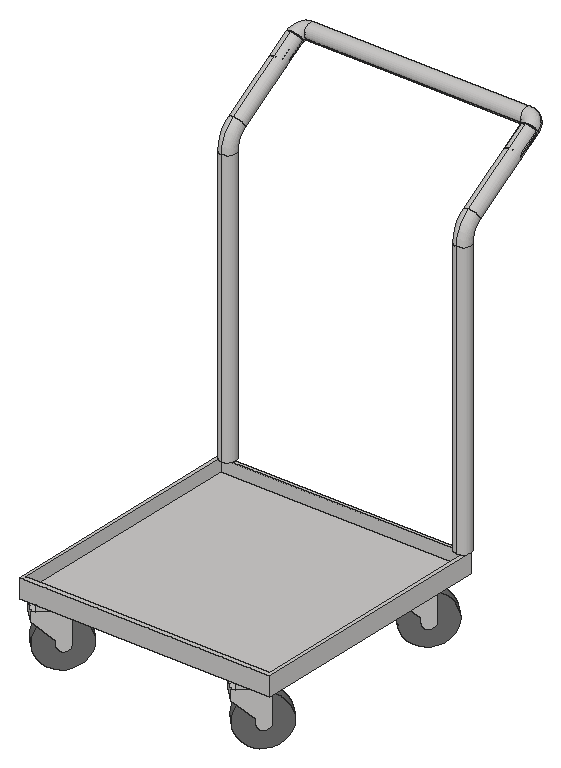
Revit family "QF_Vollrath_52292_cat", category Specialty Equipment, Revit 2016
Family settings
  Part Type = Normal
  Round Connector Dimension = Use Diameter
  OmniClass Number = 23.40.40.14.11
  OmniClass Title = Food Delivery Carts and Conveyors
  Work Plane-Based = No
  Always vertical = Yes
  Cut with Voids When Loaded = No
  Shared = No
  Room Calculation Point = No
Parameters (values of type "52292")
  Width = 20.00"
  Weight in Pounds = 11.34
  Watermarked By = "http://revitwatermark.com"
  URL Cutsheet = ""
  URL = ""
  Status [instance] = ""
  Specification by User [instance] = ""
  Specification by Manufacturer [instance] = ""
  Serial Number [instance] = ""
  Seismic Rating [instance] = ""
  Revision Code [instance] = ""
  NAFEM Spec ID Number [instance] = ""
  Model = "52292"
  Masterspec = ""
  Manufacturer = "Vollrath"
  Item Number [instance] = "-"
  Installed By [instance] = ""
  Identify Quantity as Lot [instance] = no
  Furnished By [instance] = ""
  Foodservice Equipment Identifier [instance] = yes
  Description = "Dolly, Dishrack"
  Depth = 28.00"
  CSI MasterFormat = "11 48 13"
  Assembly Code = "E1090320"
Reference planes (in)
  plane 1 "BACK": y = 0
  plane 2: z = 0
  plane 3 "LEFT": x = 0
  plane 4 "RIGHT": x = 20
  plane 5 "FRONT": y = -28
  plane 6: y = -8
  plane 7: y = -8.25
  plane 8: x = 19.75
  plane 9: y = -27.75
  plane 10: x = 0.25
  plane 11: z = 5
  plane 12: z = 6.5
  plane 13 "TOP": z = 34.75
  plane 14: x = 0.6066
  plane 15: x = 19.3934
Forms (in)
  Extrusion 1, solid, material "QF_Finishes_Stainless Steel"
    sketch origin (0, 0, 16.75) x (-1, 0, 0) y (0, -1, 0)
      loop
        line (0, 8) -> (0, 28) -> (-20, 28) -> (-20, 8) -> (0, 8)
      loop
        line (-0.25, 8.25) -> (-0.25, 27.75) -> (-19.75, 27.75) -> (-19.75, 8.25) -> (-0.25, 8.25)
    from -11.25 to -10.25
  Extrusion 2, solid, material "QF_Finishes_Stainless Steel"
    sketch origin (0, 0, 16.75) x (-1, 0, 0) y (0, -1, 0)
      loop
        line (0, 8) -> (0, 28) -> (-20, 28) -> (-20, 8) -> (0, 8)
    from -11.75 to -11.25
  Sweep 3, solid, material "QF_Finishes_Stainless Steel"
    path origin (0.6066, 0, 0) x (0, 1, 0) y (0, 0, 1)
      loop
        line (-8, 6.5) -> (-8, 28.48614)
        arc (-8, 28.48614) -> (-7.75834, 29.42056) -> (-7.09397, 30.12067) r 1.9274
        line (-7.09397, 30.12067) -> (-1.36964, 33.69762)
    profile origin (0.6066, -8, 17.49307) x (0, -1, 0) y (1, 0, 0)
      loop
        circle (0, 0) r 0.6066
  Sweep 4, solid, material "QF_Finishes_Stainless Steel"
    path origin (0, -0.65155, 34.10919) x (0, 0.848048, 0.529919) y (-1, 0, 0)
      loop
        line (-2.75, -0.6066) -> (-0.75, -0.6066)
        arc (-0.75, -0.6066) -> (-0.21967, -0.82627) -> (0, -1.3566) r 0.75
        line (0, -1.3566) -> (0, -18.6434)
        arc (0, -18.6434) -> (-0.21967, -19.17373) -> (-0.75, -19.3934) r 0.75
        line (-0.75, -19.3934) -> (-2.75, -19.3934)
    profile origin (0.6066, -2.13563, 33.18183) x (-1, 0, 0) y (0, -0.529919, 0.848048)
      loop
        circle (0, 0) r 0.61
  Sweep 5, solid, material "QF_Finishes_Stainless Steel"
    path origin (19.3934, 0, 0) x (0, 1, 0) y (0, 0, 1)
      loop
        line (-8, 6.5) -> (-8, 28.48614)
        arc (-8, 28.48614) -> (-7.75834, 29.42056) -> (-7.09397, 30.12067) r 1.9274
        line (-7.09397, 30.12067) -> (-1.36964, 33.69762)
    profile origin (19.3934, -8, 17.49307) x (0, -1, 0) y (1, 0, 0)
      loop
        circle (0, 0) r 0.6066
Cuts and joins
  joined: Extrusion 1, Extrusion 2
Lines and regions (in)
  symbolic lines
    curve 1: line (0, -28, 16.75) -> (0, -1.09763, 16.75)
    curve 2: line (20, -1.12921, 16.75) -> (20, -8, 16.75)
    curve 3: line (18.78679, -8, 16.75) -> (18.78679, -1.5, 16.75)
    curve 4: line (1.25, -1.5, 16.75) -> (1.25, -8, 16.75)
    curve 5: arc (0, -1.09763, 37.73045) -> (0.28827, -0.40169, 37.73045) -> (0.98421, -0.11342, 37.73045) r 0.98421
    curve 6: line (0.98421, -0.11342, 37.73045) -> (18.98421, -0.11342, 37.73045)
    curve 7: arc (18.98421, -0.11342, 37.73045) -> (19.70248, -0.41094, 37.73045) -> (20, -1.12921, 37.73045) r 1.01579
    curve 8: line (1.25, -1.5, 37.73045) -> (1.25, -1.25, 37.73045)
    curve 9: line (1.25, -1.25, 37.73045) -> (18.75, -1.25, 37.73045)
    curve 10: line (18.75, -1.25, 37.73045) -> (18.78679, -1.59319, 37.73045)
    curve 11: line (0, -8, 37.73045) -> (18.78679, -8, 37.73045)
    curve 12: line (20, -8, 37.73045) -> (18.78679, -8, 37.73045)
    curve 13: line (20, -8, 37.73045) -> (20, -28, 37.73045)
    curve 14: line (20, -28, 37.73045) -> (0, -28, 37.73045)
Dimensions and locks (in)
  "Width": plane 3 "LEFT" to plane 4 "RIGHT"
  "Depth": plane 5 "FRONT" to plane 1 "BACK"
  plane 13 "TOP" to level = 34.75"
  aligned and locked: level to plane 2
Automatic sketch dimensions
  Extrusion 1 sketch curve to plane 4 "RIGHT" = 0.00"
  Extrusion 1 sketch curve to plane 8 = 0.00"
  plane 7 to Extrusion 1 sketch curve = 0.00"
  Extrusion 1 sketch curve to plane 10 = 0.00"
  Extrusion 1 sketch curve to plane 3 "LEFT" = 0.00"
  plane 6 to Extrusion 1 sketch curve = 0.00"
  plane 9 to Extrusion 1 sketch curve = 0.00"
  plane 5 "FRONT" to Extrusion 1 sketch curve = 0.00"
  Extrusion 2 sketch curve to plane 4 "RIGHT" = 0.00"
  Extrusion 2 sketch curve to plane 3 "LEFT" = 0.00"
  plane 6 to Extrusion 2 sketch curve = 0.00"
  plane 5 "FRONT" to Extrusion 2 sketch curve = 0.00"
  Sweep 3 sketch curve to profile plane = 0.00"  (x2)
  Sweep 4 sketch curve to plane 15 = 0.00"
  Sweep 4 sketch curve to plane 14 = 0.00"
  Sweep 4 sketch curve to Sweep 4 sketch curve = 0.00"
  Sweep 4 sketch curve to Sweep 4 sketch curve = 2.00"  (x2)
  Sweep 4 sketch curve to Sweep 4 sketch curve = 0.75"
  Sweep 4 sketch curve to profile plane = 0.00"
  profile plane to Sweep 4 sketch curve = 0.00"
  Sweep 5 sketch curve to profile plane = 0.00"  (x2)
  Sweep 5 sketch curve to plane 6 = 0.00"
  Sweep 5 sketch curve to plane 12 = 0.00"
  Sweep 5 sketch curve to plane 6 = 0.90603"
  Sweep 5 sketch curve to Sweep 5 sketch curve = 1.9274"
  plane 1 "BACK" to Sweep 5 sketch curve = 1.36964"
  Sweep 5 sketch curve to plane 13 "TOP" = 6.26386"
  Sweep 5 sketch curve to plane 13 "TOP" = 1.05238"
  Sweep 3 sketch curve to plane 6 = 0.00"
  Sweep 3 sketch curve to plane 12 = 0.00"
  Sweep 3 sketch curve to plane 6 = 0.90603"
  Sweep 3 sketch curve to Sweep 3 sketch curve = 1.9274"
  plane 1 "BACK" to Sweep 3 sketch curve = 1.36964"
  Sweep 3 sketch curve to plane 13 "TOP" = 6.26386"
  Sweep 3 sketch curve to plane 13 "TOP" = 1.05238"
  curve 2 to plane 4 "RIGHT" = 0.00"
  plane 6 to curve 3 = 0.00"
  plane 6 to curve 4 = 0.00"
  curve 1 to plane 3 "LEFT" = 0.00"
  plane 6 to curve 2 = 0.00"
  plane 5 "FRONT" to curve 1 = 0.00"
  plane 15 to curve 3 = 0.6066"
  curve 4 to plane 14 = 0.6434"
  plane 1 "BACK" to curve 4 = 1.50"
  plane 1 "BACK" to curve 3 = 1.50"
  plane 1 "BACK" to curve 2 = 1.12921"
  plane 1 "BACK" to curve 1 = 1.09763"
  curve 14 to plane 4 "RIGHT" = 0.00"
  plane 5 "FRONT" to curve 14 = 0.00"
  plane 6 to curve 13 = 0.00"
  curve 7 to plane 4 "RIGHT" = 0.00"
  curve 5 to plane 3 "LEFT" = 0.00"
  curve 14 to plane 3 "LEFT" = 0.00"
  curve 11 to plane 3 "LEFT" = 0.00"
  plane 15 to curve 10 = 0.6066"
  plane 1 "BACK" to curve 10 = 1.59319"
  curve 8 to plane 14 = 0.6434"
  plane 1 "BACK" to curve 8 = 1.50"
  curve 10 to curve 9 = 0.34319"
  curve 9 to curve 7 = 0.12079"
  plane 1 "BACK" to curve 5 = 1.09763"
  plane 1 "BACK" to curve 5 = 0.11342"
  plane 15 to curve 12 = 0.6066"
  curve 7 to curve 9 = 0.23421"
  radius of Sweep 3 sketch curve = 0.6066"
  radius of Sweep 4 sketch curve = 0.61"
  radius of Sweep 5 sketch curve = 0.6066"
Nested families (in)
  nested 1: "FESCaster" at (1, -27, 0), type "FESCaster"
    with Height 5.00", Caster Radius 2.00"
  nested 2: "FESCaster" at (17, -27, 0), type "FESCaster"
    with Height 5.00", Caster Radius 2.00"
  nested 3: "FESCaster" at (1, -10.5, 0), type "FESCaster"
    with Height 5.00", Caster Radius 2.00"
  nested 4: "FESCaster" at (17, -10.5, 0), type "FESCaster"
    with Height 5.00", Caster Radius 2.00"
Definition of nested family "FESCaster"
  Parameters
    Watermarked By = "http://revitwatermark.com"
    Type Comments = "⍁⍉⌁⌀⏭⎽⌇⍠⌜⍉⎖⌥⌦⌯⍭⏊⍻⍿⍊⏵⍊⏗⏠⍴⎡⌈⎀⍠⌓⌤⏘⎐⍀⌐⏬⏁⎈⏍⏦⎒⏬⌝⍩⍇⌣〈⎫〉⎁⏊⍥⍖⍥⍝⍦⌖⍀⏌⏭⎝⎼⏷⏞⍻⏯⎽⏷⏞⍻⏯⎽⏷⎺⌻⎝⍎⌧⏷⏟⏿⌿⍜⍦⍤⌁⍬⏶⏎⍊⏚⏉⎞⌡⎀⎪⏈⌟⌿⍾⍼⌟⌿⌢⌞⏞⏝⌻⎸⎻⎷⎳⎻⎛⌞⌼⏚⍿⏸⍨⏷⍡⍺⏼⏅⎏⌽⌻⍽⎝⍮⎧⍏⏳⏲⎼⏈⏋⏙⎏⏽⏘⍹⏞⌜⏼⍴⏶⏮⏿⌁"
    Height [instance] = 6.00"
    Caster Radius [instance] = if(Height < 3.00", 1.00", (Height / 2) - 0.50")  # 2.50"
    Assembly Code = ""
  Reference planes (in)
    plane 1 "Center (Front/Back)": y = 0
    plane 2: z = 0
    plane 3 "Center (Left/Right)": x = 0
    plane 4: z = 6
    plane 5: z = 5.5
  Forms (in)
    Extrusion 1, solid
      sketch origin (-24.12131, -22.88887, 10.18833) x (0.707107, 0.707107, 0) y (0, 0, 1)
        loop
          line (34.98772, -7.68833) -> (34.98772, -4.93833) -> (34.48772, -4.93833) -> (34.39402, -4.68833) -> (32.39402, -4.68833) -> (32.39402, -5.43833) -> (33.98772, -7.34206) -> (33.98772, -7.68833)
          arc (33.98772, -7.68833) -> (34.48772, -8.18833) -> (34.98772, -7.68833) r 0.5
      from 0 to 1.75
    Extrusion 2, solid
      sketch origin (-24.32327, -23.09083, 13.31461) x (0.707107, 0.707107, 0) y (0, 0, 1)
        loop
          circle (34.77334, -10.81461) r 2.5
      from 0.375 to 1.375
    Extrusion 3, solid
      sketch origin (-7.24148, -8.48391, 0) x (0.707107, 0.707107, 0) y (0, 0, 1)
        loop
          line (10.61603, 5.5) -> (11.61603, 5.5) -> (11.61603, 6) -> (10.61603, 6) -> (10.61603, 5.5)
      from 0 to -1.75
  Lines and regions (in)
    symbolic lines
      curve 1: line (-1.26158, -0.51911, 0) -> (1.39007, 2.13254, 0)
      curve 2: line (-0.53429, -1.24639, 0) -> (2.11736, 1.40526, 0)
      curve 3: line (-1.26158, -0.51911, 0) -> (1.39007, 2.13254, 0)
      curve 4: line (-0.53429, -1.24639, 0) -> (2.11736, 1.40526, 0)
  Dimensions and locks (in)
    locked: plane 4 to plane 5 at 0.5
    "Height": plane 4 to level
    "Caster Radius": Extrusion 2 sketch curve to level
    "Caster Radius": Extrusion 1 sketch curve to level
    "Caster Radius": radius of Extrusion 2 sketch curve
    aligned and locked: plane 2 to level
    aligned and locked: Extrusion 3 to plane 5
    aligned and locked: plane 4 to Extrusion 3
    aligned and locked: plane 5 to Extrusion 1
  Automatic sketch dimensions
    plane 1 "Center (Front/Back)" to curve 3 = 0.51911"
    curve 3 to plane 3 "Center (Left/Right)" = 1.26158"
    plane 1 "Center (Front/Back)" to curve 1 = 0.51911"
    curve 1 to curve 3 = 0.00"  (x3)
    curve 4 to plane 3 "Center (Left/Right)" = 0.53429"
    curve 2 to curve 4 = 0.00"  (x2)
    plane 3 "Center (Left/Right)" to curve 3 = 1.39007"
    curve 1 to curve 4 = 0.72729"
    curve 2 to curve 1 = 0.72729"
    curve 4 to curve 2 = 0.00"  (x2)
    curve 2 to plane 1 "Center (Front/Back)" = 1.40526"
    curve 2 to curve 3 = 0.72729"
    plane 5 to Extrusion 1 sketch curve = 0.00"
    Extrusion 1 sketch curve to Extrusion 1 sketch curve = 1.5937"
    Extrusion 1 sketch curve to Extrusion 1 sketch curve = 2.00"
    Extrusion 1 sketch curve to Extrusion 1 sketch curve = 0.0937"
    Extrusion 1 sketch curve to Extrusion 1 sketch curve = 0.50"
    Extrusion 1 sketch curve to Extrusion 1 sketch curve = 0.34627"
    Extrusion 1 sketch curve to plane 5 = 0.75"
    Extrusion 1 sketch curve to plane 5 = 0.25"
    Extrusion 3 sketch curve to plane 5 = 0.00"
    plane 4 to Extrusion 3 sketch curve = 0.00"
    Extrusion 3 sketch curve to Extrusion 3 sketch curve = 1.00"
